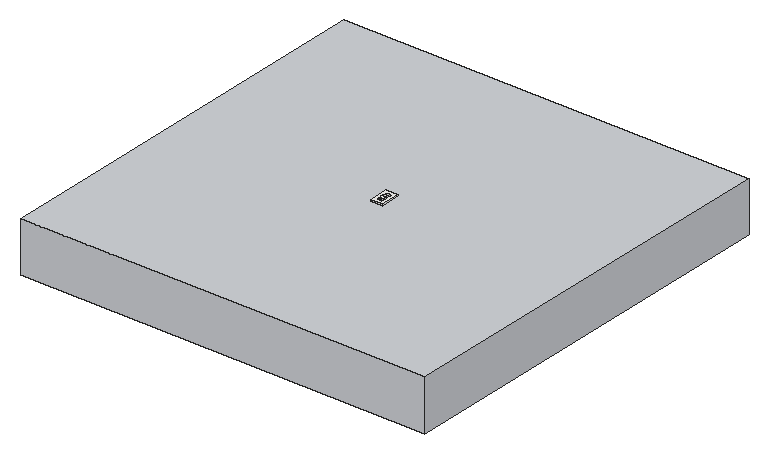
Revit family
Parameters (values of type "Standard")
  Wallstation Material = Plastic - Lutron - White
  Version = 1
  URL = "http://www.lutron.com"
  Series = "seeTouch"
  Product URL = "http://www.lutron.com/PRODUCTS/COMPONENTS/SEETOUCHWALLSTATION/Pages/Overview.aspx"
  Overall Width = 0' - 2 3/4"
  Overall Height = 0' - 4 9/16"
  Overall Depth = 0' - 1 3/8"
  Model = "SQA-3RN-WH-E01"
  Manufacturer Complete Model Number [instance] = ""
  Manufacturer = "Lutron Electronics"  # constant formula
  Label = "SC"
  Description = "Low Voltage 3 Button Wallstation with Raise/Lower"
  Default Elevation = 4' - 0"
  Copyright = "© 2010 Lutron Electronics Co., Inc."  # constant formula
  CADworks URL = "http://www.CADworks.net"
  Assembly Code = "D5020120"
Reference planes (in)
  plane 1 "Center (Front/Back)": y = 0
  plane 2: z = 0
  plane 3 "Center (Left/Right)": x = 0
  plane 4: x = -1.375
  plane 5: x = 1.375
  plane 6: y = 2.28125
  plane 7: y = -2.28125
  plane 8: z = 0.3125
  plane 9: z = -1.0625
  plane 10: z = -0.75
  plane 11: z = 0.4925
  plane 12: z = 0.4025
  plane 13: z = 0.5825
Forms (in)
  Extrusion 1, solid
    sketch origin (0, 0, 0) x (1, 0, 0) y (0, 1, 0)
      loop
        line (-48, 48) -> (-48, -48) -> (48, -48) -> (48, 48) -> (-48, 48)
    from 0 to -12
  Extrusion 2, solid, material "Plastic - Lutron - White" <- "Wallstation Material"
    sketch origin (0, 0, 0) x (1, 0, 0) y (0, 1, 0)
      loop
        line (-1.375, 2.28125) -> (-1.375, -2.28125) -> (1.375, -2.28125) -> (1.375, 2.28125) -> (-1.375, 2.28125)
    from 0 to 0.3125
  Extrusion 3, solid, material "Plastic - Lutron - White" <- "Wallstation Material", detail levels fine
    sketch origin (0, 0, 0) x (1, 0, 0) y (0, 1, 0)
      loop
        arc (-0.68031, 1.37) -> (-0.80737, 1.31737) -> (-0.86, 1.19031) r 0.17969
        line (-0.86, 1.19031) -> (-0.86, -1.19031)
        arc (-0.86, -1.19031) -> (-0.80737, -1.31737) -> (-0.68031, -1.37) r 0.17969
        line (-0.68031, -1.37) -> (0.68031, -1.37)
        arc (0.68031, -1.37) -> (0.80737, -1.31737) -> (0.86, -1.19031) r 0.17969
        line (0.86, -1.19031) -> (0.86, 1.19031)
        arc (0.86, 1.19031) -> (0.80737, 1.31737) -> (0.68031, 1.37) r 0.17969
        line (0.68031, 1.37) -> (-0.68031, 1.37)
    from -0.75 to 0
  Extrusion 4, solid, material "Plastic - Lutron - White" <- "Wallstation Material", detail levels fine
    sketch origin (0, 0, 0) x (1, 0, 0) y (0, 1, 0)
      loop
        line (0.1, 1.2) -> (0.1, 0.41) -> (0.71, 0.41) -> (0.71, 1.2) -> (0.1, 1.2)
      loop
        line (-0.02, -0.47) -> (-0.02, -1.06) -> (0.61, -1.06) -> (0.61, -0.47) -> (-0.02, -0.47)
    from -1.0625 to -0.75
  Extrusion 5, void
    sketch origin (0, 0, 0) x (1, 0, 0) y (0, 1, 0)
      loop
        line (-0.465, 0.51953) -> (-0.465, 0.16031) -> (0.465, 0.16031) -> (0.465, 0.51953) -> (-0.465, 0.51953)
      loop
        line (-0.465, 1.19953) -> (-0.465, 0.84031) -> (0.465, 0.84031) -> (0.465, 1.19953) -> (-0.465, 1.19953)
      loop
        line (-0.465, -0.16047) -> (-0.465, -0.51969) -> (0.465, -0.51969) -> (0.465, -0.16047) -> (-0.465, -0.16047)
      loop
        line (-0.465, -0.84047) -> (-0.465, -1.19969) -> (0.465, -1.19969) -> (0.465, -0.84047) -> (-0.465, -0.84047)
    from 0.25 to 0.3125
  Extrusion 6, void
    sketch origin (0, 0, 0) x (0, 1, 0) y (0, 0, 1)
      loop
        arc (-0.16984, 0.42038) -> (0, 0.4925) -> (0.16984, 0.42038) r 0.23605
        arc (0.16984, 0.42038) -> (0.33969, 0.4925) -> (0.50953, 0.42038) r 0.23605
        arc (0.50953, 0.42038) -> (0.67937, 0.4925) -> (0.84922, 0.42038) r 0.23605
        arc (0.84922, 0.42038) -> (1.01906, 0.4925) -> (1.18891, 0.42038) r 0.23605
        line (1.18891, 0.42038) -> (1.30406, 0.42038) -> (1.30406, 0.6175) -> (-1.30406, 0.6175) -> (-1.30406, 0.42038) -> (-1.18891, 0.42038)
        arc (-1.18891, 0.42038) -> (-1.01906, 0.4925) -> (-0.84922, 0.42038) r 0.23605
        arc (-0.84922, 0.42038) -> (-0.67938, 0.4925) -> (-0.50953, 0.42038) r 0.23605
        arc (-0.50953, 0.42038) -> (-0.33969, 0.4925) -> (-0.16984, 0.42038) r 0.23605
    from -1.375 to 1.375
  Extrusion 7, solid, material "Plastic - Lutron - White" <- "Wallstation Material", detail levels medium+fine
    sketch origin (0, 1.02, 0) x (1, 0, 0) y (0, 1, 0)
      loop
        line (-0.44, 0.16) -> (-0.44, -0.16) -> (0.44, -0.16) -> (0.44, 0.16) -> (-0.44, 0.16)
      loop
        line (-0.44, -1.52) -> (0.44, -1.52) -> (0.44, -1.2) -> (-0.44, -1.2) -> (-0.44, -1.52)
      loop
        line (-0.44, -1.88) -> (-0.44, -2.2) -> (-0.0125, -2.2) -> (-0.0125, -1.88) -> (-0.44, -1.88)
      loop
        line (0.0125, -1.88) -> (0.0125, -2.2) -> (0.44, -2.2) -> (0.44, -1.88) -> (0.0125, -1.88)
      loop
        line (-0.44, -0.84) -> (0.44, -0.84) -> (0.44, -0.52) -> (-0.44, -0.52) -> (-0.44, -0.84)
    from 0.25 to 0.4925
  Extrusion 8, void
    sketch origin (0, 1.02, 0) x (1, 0, 0) y (0, 1, 0)
      loop
        circle (-0.34, 0) r 0.03125
      loop
        circle (-0.34, -1.36) r 0.03125
      loop
        circle (-0.34, -0.68) r 0.03125
    from 0.4025 to 0.5825
Cuts and joins
  Extrusion 5 cuts Extrusion 2
  Extrusion 5 cuts Extrusion 3
  Extrusion 6, Extrusion 8 cuts Extrusion 7
Lines and regions (in)
  symbolic lines, detail levels fine
    curve 1: line (-1.375, 0, 0.3125) -> (1.375, 0, 0.3125)
    curve 2: line (-1.375, 0, 0) -> (-1.375, 0, 0.3125)
    curve 3: line (1.375, 0, 0.3125) -> (1.375, 0, 0)
    curve 4: line (-0.44, 0, 0.4925) -> (0.44, 0, 0.4925)
    curve 5: line (-0.44, 0, 0.3125) -> (-0.44, 0, 0.4925)
    curve 6: line (0.44, 0, 0.4925) -> (0.44, 0, 0.3125)
    curve 7: line (-1.375, 0, 0) -> (1.375, 0, 0)
Dimensions and locks (in)
  equal spacing: plane 4, plane 3 "Center (Left/Right)", plane 5
  "Overall Width": plane 4 to plane 5
  equal spacing: plane 7, plane 1 "Center (Front/Back)", plane 6
  "Overall Height": plane 6 to plane 7
  locked: plane 8 to plane 2 at 0.3125
  "Overall Depth": plane 8 to plane 9
  locked: plane 2 to plane 10 at 0.75
  locked: Extrusion 3 sketch curve to Extrusion 3 sketch curve at 1.72
  equal spacing: Extrusion 3 sketch curve, plane 3 "Center (Left/Right)", Extrusion 3 sketch curve
  locked: Extrusion 3 sketch curve to Extrusion 3 sketch curve at 2.74
  equal spacing: Extrusion 3 sketch curve, plane 1 "Center (Front/Back)", Extrusion 3 sketch curve
  locked: plane 1 "Center (Front/Back)" to Extrusion 4 sketch curve at 0.41
  locked: Extrusion 4 sketch curve to Extrusion 4 sketch curve at 0.79
  locked: Extrusion 4 sketch curve to plane 1 "Center (Front/Back)" at 0.47
  locked: Extrusion 4 sketch curve to Extrusion 4 sketch curve at 0.59
  locked: plane 3 "Center (Left/Right)" to Extrusion 4 sketch curve at 0.61
  locked: Extrusion 4 sketch curve to Extrusion 4 sketch curve at 0.63
  locked: plane 3 "Center (Left/Right)" to Extrusion 4 sketch curve at 0.71
  locked: Extrusion 4 sketch curve to Extrusion 4 sketch curve at 0.61
  locked: cut or joined group of Extrusion 2, Extrusion 5 to plane 9 at 1.3125
  locked: plane 11 to plane 8 at 0.18
  locked: plane 1 "Center (Front/Back)" to Extrusion 6 sketch curve at 0
  locked: Extrusion 6 sketch curve to plane 9 at 1.68
  locked: Extrusion 6 sketch curve to Extrusion 6 sketch curve at 2.60812
  equal spacing: Extrusion 6 sketch curve, plane 1 "Center (Front/Back)", Extrusion 6 sketch curve
  locked: Extrusion 6 sketch curve to plane 9 at 1.48288
  equal spacing: Extrusion 6 sketch curve, Extrusion 6 sketch curve, Extrusion 6 sketch curve, Extrusion 6 sketch curve, Extrusion 6 sketch curve, Extrusion 6 sketch curve, Extrusion 6 sketch curve, Extrusion 6 sketch curve
  plane 11 to Extrusion 6 sketch curve to Extrusion 6 sketch curve to Extrusion 6 sketch curve to Extrusion 6 sketch curve to Extrusion 6 sketch curve to Extrusion 6 sketch curve to Extrusion 6 sketch curve = 0' - 0" locked, 0' - 0" locked, 0' - 0" locked, 0' - 0" locked, 0' - 0" locked, 0' - 0" locked, 0' - 0" locked
  Extrusion 8 sketch curve to Extrusion 8 sketch curve to plane 5 = 0' - 0" locked, 0' - 1.715" locked
  plane 7 to Extrusion 8 sketch curve to Extrusion 8 sketch curve = 0' - 1.94125" locked, 0' - 1.36" locked
  equal spacing: plane 13, plane 11, plane 12
  locked: plane 13 to plane 12 at 0.18
  equal spacing: Extrusion 5 sketch curve, plane 3 "Center (Left/Right)", Extrusion 5 sketch curve
  locked: Extrusion 5 sketch curve to Extrusion 5 sketch curve at 0.93
  plane 7 to Extrusion 5 sketch curve to Extrusion 5 sketch curve to Extrusion 5 sketch curve to Extrusion 5 sketch curve = 0' - 2.44156" locked, 0' - 0.35922" locked, 0' - 0.32078" locked, 0' - 0.35922" locked
  plane 6 to Extrusion 5 sketch curve to Extrusion 5 sketch curve to Extrusion 5 sketch curve to Extrusion 5 sketch curve = 0' - 2.44172" locked, 0' - 0.35922" locked, 0' - 0.32078" locked, 0' - 0.35922" locked
  equal spacing: Extrusion 7 sketch curve, plane 3 "Center (Left/Right)", Extrusion 7 sketch curve  (x2)
  locked: Extrusion 7 sketch curve to Extrusion 7 sketch curve at 0.88
  locked: Extrusion 7 sketch curve to Extrusion 7 sketch curve at 0.025
  plane 7 to Extrusion 7 sketch curve to Extrusion 7 sketch curve to Extrusion 7 sketch curve to Extrusion 7 sketch curve = 0' - 2.46125" locked, 0' - 0.32" locked, 0' - 0.36" locked, 0' - 0.32" locked
  plane 6 to Extrusion 7 sketch curve to Extrusion 7 sketch curve to Extrusion 7 sketch curve to Extrusion 7 sketch curve = 0' - 2.46125" locked, 0' - 0.32" locked, 0' - 0.36" locked, 0' - 0.32" locked
  locked: Extrusion 8 sketch curve to plane 5 at 1.715
  locked: plane 7 to Extrusion 8 sketch curve at 2.62125
  radius of Extrusion 3 sketch curve = 0' - 0 23/128"  (x4)
  radius of Extrusion 8 sketch curve = 0' - 0 1/32"  (x3)
  aligned and locked: plane 2 to Extrusion 1
  aligned and locked: level to Extrusion 1
  aligned and locked: Extrusion 2 sketch curve to plane 6
  aligned and locked: plane 4 to Extrusion 2 sketch curve
  aligned and locked: Extrusion 2 sketch curve to plane 7
  aligned and locked: Extrusion 2 sketch curve to plane 5
  aligned and locked: Extrusion 2 to plane 2
  aligned and locked: plane 8 to Extrusion 2
  aligned and locked: Extrusion 3 to plane 10
  aligned and locked: plane 2 to Extrusion 3
  aligned and locked: Extrusion 4 to plane 9
  aligned and locked: plane 10 to Extrusion 4
  aligned and locked: plane 8 to cut or joined group of Extrusion 2, Extrusion 5
  aligned and locked: Extrusion 6 sketch curve to Extrusion 6 sketch curve
  aligned and locked: plane 4 to curve 2
  aligned and locked: curve 1 to plane 8
  aligned and locked: curve 3 to plane 5
  aligned and locked: curve 4 to plane 11
  aligned and locked: plane 1 "Center (Front/Back)" to nested 1
  aligned and locked: plane 3 "Center (Left/Right)" to nested 1
  aligned and locked: plane 11 to Extrusion 7
  aligned: Extrusion 8 to plane 8
  aligned and locked: Extrusion 7 sketch curve to Extrusion 7 sketch curve  (x8)
  aligned: cut or joined group of Extrusion 2, Extrusion 5 to cut or joined group of Extrusion 2, Extrusion 5
  aligned: plane 8 to cut or joined group of Extrusion 2, Extrusion 5
  aligned and locked: Extrusion 8 to plane 13
  aligned and locked: Extrusion 8 to plane 12
  aligned and locked: Extrusion 5 sketch curve to Extrusion 5 sketch curve  (x6)
  aligned and locked: plane 5 to Extrusion 6
  aligned and locked: Extrusion 6 to plane 4
  aligned and locked: cut or joined group of Extrusion 2, Extrusion 5 to cut or joined group of Extrusion 6, Extrusion 7, Extrusion 8
  aligned and locked: cut or joined group of Extrusion 2, Extrusion 5 to plane 2
  aligned and locked: curve 5 to cut or joined group of Extrusion 6, Extrusion 7, Extrusion 8
  aligned and locked: curve 6 to cut or joined group of Extrusion 6, Extrusion 7, Extrusion 8
  aligned and locked: curve 7 to plane 2
Automatic sketch dimensions
  Extrusion 1 sketch curve to Extrusion 1 sketch curve = 8' - 0"  (x2)
  Extrusion 6 sketch curve to Extrusion 6 sketch curve = 0' - 0.11516"
  Extrusion 6 sketch curve to plane 8 = 0' - 0.05605"  (x5)
  Extrusion 6 sketch curve to Extrusion 6 sketch curve = 0' - 0.16984"
Nested families (in)
  nested 1: "Switch Annotation" at (0, 0, 0), type "Switch Annotation", detail levels coarse+medium
Connectors (in)
  electrical at (0, 1.37, -0.375)
    settings: on cut or joined group of Extrusion 3, Extrusion 5, index 1, voltage 0 V, apparent load 0 VA, apparent load phase1 0 VA, apparent load phase2 0 VA, apparent load phase3 0 VA, power factor 1, load classification "Other", number of poles 1, system type 13, power factor state 1, is connector primary yes, connector utility no, sub classification motor no, connector description "Control Connection"
Definition of nested family "Switch Annotation"
  Parameters (values of type "Switch Annotation")
    Label = "LC"
  Reference planes (in)
    plane 1: y = 0
    plane 2: x = 0
  Lines and regions (in)
    detail lines
      curve 1: line (0, 0.125, 0) -> (0, 0, 0)
      curve 3: arc (0.01506, 0.11153, 0) -> (-0.02442, 0.09683, 0) -> (0, 0.0625, 0) r 0.02655
      curve 4: arc (0, 0.0625, 0) -> (0.01543, 0.02147, 0) -> (-0.02827, 0.02483, 0) r 0.02599
    reference lines
      curve 2: line (0, 0.0625, 0) -> (-0.11983, 0.0625, 0)
      curve 5: line (0.10095, -0.04722, 0) -> (0.10095, 0.09386, 0)
      curve 6: line (0.10095, -0.04722, 0) -> (0.28349, -0.04722, 0)
      curve 7: line (0.10095, 0.04579, 0) -> (0.31014, 0.04579, 0)
  Text (in)
    label "2" at (0.1048, 0.12997, 0), shows "Label"
  Dimensions and locks (in)
    locked: curve 6 to curve 7 at 0.09301
    locked: curve 1 to curve 5 at 0.10095
    locked: curve 1 to curve 1 at 0.125
    locked: plane 1 to curve 2 at 0.0625
    aligned and locked: curve 1 to curve 2
    aligned and locked: curve 3 to curve 2
    aligned and locked: curve 4 to curve 2
    aligned and locked: plane 1 to curve 1
    aligned and locked: curve 1 to plane 2
    aligned and locked: plane 2 to curve 1
